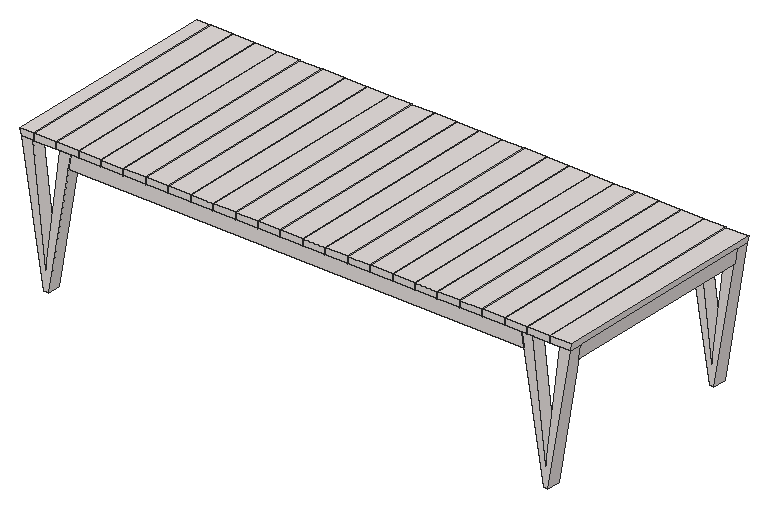
Revit family "LR_MESA MADRID 300X120X75", category Sistema de mobiliário, Revit 2024
Family settings
  Cota do conector redondo = Utilizar diâmetro
  Tipo de parte = Normal
  Com base no plano de trabalho = Não
  Ativar corte nas vistas = Não
  Sempre na vertical = Sim
  Corte com vazios quando carregada = Não
  Compartilhado = Não
  Ponto de cálculo do ambiente = Não
Parameters
  Elevação padrão = 0 cm
Reference planes (cm)
  plane 1 "Centro (Frente/Trás)": y = 0
  plane 2: z = 0
  plane 3 "Centro (Esquerda/Direita)": x = 0
Forms (cm)
  Extrusion 1, solid, material ".MADEIRA GENÉRICO"
    sketch origin (23.9137, 55.3359, 0.5) x (-1, 0, 0) y (0, 0, 1)
      loop
        line (-47.3652, 0) -> (-50.9169, 0) -> (-52.2109, -7.5) -> (-48.6592, -7.5) -> (-47.3652, 0)
    from 27 to 133
  Extrusion 2, solid, material ".MADEIRA GENÉRICO"
    sketch origin (417.4364, 55.3359, 0.5) x (1, 0, 0) y (0, 0, -1)
      loop
        line (-47.3652, 0) -> (-48.6592, 7.5) -> (-52.2109, 7.5) -> (-50.9169, 0) -> (-47.3652, 0)
    from 27 to 133
  Extrusion 3, solid, material ".MADEIRA GENÉRICO"
    sketch origin (24, 175.3359, 0) x (1, 0, 0) y (0, 0, 1)
      loop
        line (46.675, 4) -> (47.2789, 0.5) -> (53.8769, 0.5) -> (53.8769, 4) -> (46.675, 4)
      loop
        line (346.675, 4) -> (334.675, 4) -> (334.675, 0.5) -> (346.0712, 0.5) -> (346.675, 4)
      loop
        line (334.4751, 0.5) -> (334.4751, 4) -> (322.4751, 4) -> (322.4751, 0.5) -> (334.4751, 0.5)
      loop
        line (322.2752, 0.5) -> (322.2752, 4) -> (310.2752, 4) -> (310.2752, 0.5) -> (322.2752, 0.5)
      loop
        line (310.0753, 0.5) -> (310.0753, 4) -> (298.0753, 4) -> (298.0753, 0.5) -> (310.0753, 0.5)
      loop
        line (297.8754, 0.5) -> (297.8754, 4) -> (285.8754, 4) -> (285.8754, 0.5) -> (297.8754, 0.5)
      loop
        line (285.6754, 0.5) -> (285.6754, 4) -> (273.6754, 4) -> (273.6754, 0.5) -> (285.6754, 0.5)
      loop
        line (273.4755, 0.5) -> (273.4755, 4) -> (261.4755, 4) -> (261.4755, 0.5) -> (273.4755, 0.5)
      loop
        line (261.2756, 0.5) -> (261.2756, 4) -> (249.2756, 4) -> (249.2756, 0.5) -> (261.2756, 0.5)
      loop
        line (249.0757, 0.5) -> (249.0757, 4) -> (237.0757, 4) -> (237.0757, 0.5) -> (249.0757, 0.5)
      loop
        line (236.8758, 0.5) -> (236.8758, 4) -> (224.8758, 4) -> (224.8758, 0.5) -> (236.8758, 0.5)
      loop
        line (224.6758, 0.5) -> (224.6758, 4) -> (212.6758, 4) -> (212.6758, 0.5) -> (224.6758, 0.5)
      loop
        line (212.4759, 0.5) -> (212.4759, 4) -> (200.4759, 4) -> (200.4759, 0.5) -> (212.4759, 0.5)
      loop
        line (200.276, 0.5) -> (200.276, 4) -> (188.276, 4) -> (188.276, 0.5) -> (200.276, 0.5)
      loop
        line (188.0761, 0.5) -> (188.0761, 4) -> (176.0761, 4) -> (176.0761, 0.5) -> (188.0761, 0.5)
      loop
        line (175.8761, 0.5) -> (175.8761, 4) -> (163.8761, 4) -> (163.8761, 0.5) -> (175.8761, 0.5)
      loop
        line (163.6762, 0.5) -> (163.6762, 4) -> (151.6762, 4) -> (151.6762, 0.5) -> (163.6762, 0.5)
      loop
        line (151.4763, 0.5) -> (151.4763, 4) -> (139.4763, 4) -> (139.4763, 0.5) -> (151.4763, 0.5)
      loop
        line (139.2764, 0.5) -> (139.2764, 4) -> (127.2764, 4) -> (127.2764, 0.5) -> (139.2764, 0.5)
      loop
        line (127.0765, 0.5) -> (127.0765, 4) -> (115.0765, 4) -> (115.0765, 0.5) -> (127.0765, 0.5)
      loop
        line (114.8765, 0.5) -> (114.8765, 4) -> (102.8765, 4) -> (102.8765, 0.5) -> (114.8765, 0.5)
      loop
        line (102.6766, 0.5) -> (102.6766, 4) -> (90.6766, 4) -> (90.6766, 0.5) -> (102.6766, 0.5)
      loop
        line (90.4767, 0.5) -> (90.4767, 4) -> (78.4767, 4) -> (78.4767, 0.5) -> (90.4767, 0.5)
      loop
        line (78.2768, 0.5) -> (78.2768, 4) -> (66.2768, 4) -> (66.2768, 0.5) -> (78.2768, 0.5)
      loop
        line (66.0768, 0.5) -> (66.0768, 4) -> (54.0768, 4) -> (54.0768, 0.5) -> (66.0768, 0.5)
    from -20 to 100
  Extrusion 4, solid, material ".MADEIRA GENÉRICO"
    sketch origin (24, 79.3359, 0) x (1, 0, 0) y (0, 0, 1)
      loop
        line (47.2789, 0.5) -> (59.6152, -71) -> (62.1152, -71) -> (73.9238, 0.5) -> (67.8999, 0.5) -> (60.7888, -60.1575) -> (53.3929, 0.5) -> (47.2789, 0.5)
    from -3 to 4
  Extrusion 5, solid, material ".MADEIRA GENÉRICO"
    sketch origin (417.3501, 79.3359, 0) x (-1, 0, 0) y (0, 0, -1)
      loop
        line (47.2789, -0.5) -> (53.3929, -0.5) -> (60.7888, 60.1575) -> (67.8999, -0.5) -> (73.9238, -0.5) -> (62.1152, 71) -> (59.6152, 71) -> (47.2789, -0.5)
    from -3 to 4
  Extrusion 6, solid, material ".MADEIRA GENÉRICO"
    sketch origin (257.0863, 78.8359, 0.5) x (1, 0, 0) y (0, 0, 1)
      loop
        line (86.34, 0) -> (-159.1588, 0) -> (-160.3974, -7.5) -> (87.5787, -7.5) -> (86.34, 0)
    from 0 to 3.5
  Extrusion 7, solid, material ".MADEIRA GENÉRICO"
    sketch origin (24, 191.3359, 0) x (1, 0, 0) y (0, 0, -1)
      loop
        line (47.2789, -0.5) -> (53.3929, -0.5) -> (60.7888, 60.1575) -> (67.8999, -0.5) -> (73.9238, -0.5) -> (62.1152, 71) -> (59.6152, 71) -> (47.2789, -0.5)
    from -3 to 4
  Extrusion 8, solid, material ".MADEIRA GENÉRICO"
    sketch origin (417.3501, 191.3359, 0) x (-1, 0, 0) y (0, 0, 1)
      loop
        line (47.2789, 0.5) -> (59.6152, -71) -> (62.1152, -71) -> (73.9238, 0.5) -> (67.8999, 0.5) -> (60.7888, -60.1575) -> (53.3929, 0.5) -> (47.2789, 0.5)
    from -3 to 4
  Extrusion 9, solid, material ".MADEIRA GENÉRICO"
    sketch origin (257.0863, 191.8359, 0.5) x (1, 0, 0) y (0, 0, -1)
      loop
        line (86.34, 0) -> (87.5787, 7.5) -> (-160.3974, 7.5) -> (-159.1588, 0) -> (86.34, 0)
    from 0 to 3.5
  Extrusion 10, solid, material ".MADEIRA GENÉRICO"
    sketch origin (257.0863, 162.8359, 0.5) x (-1, 0, 0) y (0, 0, 1)
      loop
        line (-108.8293, -3.5) -> (181.6518, -3.5) -> (182.2556, 0) -> (-109.4332, 0) -> (-108.8293, -3.5)
    from 0 to 7.5
  Extrusion 11, solid, material ".MADEIRA GENÉRICO"
    sketch origin (257.0863, 107.8359, 0.5) x (-1, 0, 0) y (0, 0, -1)
      loop
        line (-108.8293, 3.5) -> (-109.4332, 0) -> (182.2556, 0) -> (181.6518, 3.5) -> (-108.8293, 3.5)
    from 0 to 7.5
Dimensions and locks (cm)
  Extrusion 3 to Extrusion 3 = 120 cm
  aligned and locked: level to plane 2
